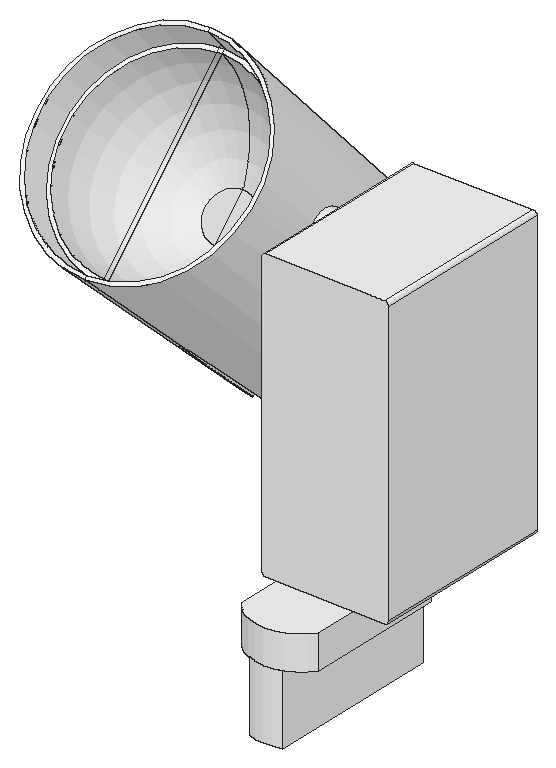
Revit family "0004934 Feilo Sylvania Lighting Fixture START TRACK SPOT S DALI 2087LM 940 WB WHT", category Lighting Fixtures, host Face, Revit 2017 (continued)
Definition of nested family "Start Track Spot Head"
  Types (96, lengths in mm): name | Wattage | built-in parameter 1150134 | Photometric Web File | Model | built-in parameter 1150105 | Lumens | built-in parameter 1150107 | built-in parameter 1150106 | HeadThickness_FEILO | HeadRibOffset_FEILO | HeadRibDepth_FEILO | HeadRibCutWidth_FEILO | HeadRibCutOffset_FEILO | HeadReflectorRadius_FEILO | HeadReflectorOffset_FEILO | HeadLEDRadius_FEILO | HeadHeight_FEILO | HeadDiffusorOffset_FEILO | HeadDiaOut_FEILO | HeadDiaIn_FEILO | HeadAxisFromTop_FEILO | Emit from Circle Diameter | built-in parameter 1150104 | Description | Apparent Load
    0004812 START TRACK SPOT S 14W 3K RA80 MB WHITE | 14 W | (empty or 0) | "0004812.ies" | "START TRACK SPOT S 14W 3K RA80 MB WHITE" | 120.32 (stored number, unit not read) | 1512 lm | 3000 (stored number, unit not read) | 1.2032 (stored number, unit not read) | 1.5 | 4.179 | 55.714 | 7.167 | 50.87 | 50.588 | 55.714 | 9.556 | 117 | 9.435 | 86 | 77.477 | 69.354 | 77.477 | 10.034 (stored number, unit not read) | "Integrated LED spotlight, Textured White - RAL9016, compact and minimalist design, ideal for retail applications, die-cast aluminium body, passive cooling heatsink. Beam angle: 36°, color temperature: 3000K , total system power: 14W, total fixture output: 1508 lm, LOR: 100%, colour rendering: Ra: 80 typical, LED Chromaticity: 3 step MacAdam ellipse, lifetime: >50000 hours at L70B50, energy class: A++, A+, A, IR/UV free light source without heat radiation, operating voltage: 220-240V / 50-60Hz, drive current: 350mA, electronic driver, non-dimmable, power factor: 0.92, electrical protection: Class II, Global Track 3 Phase adapter suitable for Global trac 3-circuit tracks, ingress protection rating: IP20, suitable for internal environment only, horizontal rotation: 355°, vertical tilt: 90°, dimensions: Ø86x140x200, weight: 0.940kg." | 14 VA
    0004811 START TRACK SPOT S 14W 3K RA80 NB WHITE | 14 W | (empty or 0) | "0004811.ies" | "START TRACK SPOT S 14W 3K RA80 NB WHITE" | 123.66 (stored number, unit not read) | 1554 lm | 3000 (stored number, unit not read) | 1.2366 (stored number, unit not read) | 1.5 | 4.179 | 55.714 | 7.167 | 50.87 | 50.588 | 55.714 | 9.556 | 117 | 9.435 | 86 | 77.477 | 69.354 | 77.477 | 10.312 (stored number, unit not read) | "Integrated LED spotlight, Textured White - RAL9016, compact and minimalist design, ideal for retail applications, die-cast aluminium body, passive cooling heatsink. Beam angle: 12°, color temperature: 3000K , total system power: 14W, total fixture output: 1551 lm, LOR: 100%, colour rendering: Ra: 80 typical, LED Chromaticity: 3 step MacAdam ellipse, lifetime: >50000 hours at L70B50, energy class: A++, A+, A, IR/UV free light source without heat radiation, operating voltage: 220-240V / 50-60Hz, drive current: 350mA, electronic driver, non-dimmable, power factor: 0.92, electrical protection: Class II, Global Track 3 Phase adapter suitable for Global trac 3-circuit tracks, ingress protection rating: IP20, suitable for internal environment only, horizontal rotation: 355°, vertical tilt: 90°, dimensions: Ø86x140x200, weight: 0.940kg." | 14 VA
  Reference planes
    plane 1 "Center (Front/Back)": y = 0
    plane 2: z = 0
    plane 3 "Center (Left/Right)": x = 0
    plane 4: x = 43
    plane 5: x = -43
    plane 6: x = -38.739
    plane 7: x = 38.739
    plane 8: z = 69.354
    plane 9: z = -47.646
    plane 10: x = -41.5
    plane 11: x = -37.239
    plane 12: z = -38.211
    plane 13: z = -35.211
    plane 14: z = 8.068
    plane 15: x = -9.556
    plane 16: x = -28.667
    plane 17: x = -19.111
    plane 18: x = -27.167
    plane 19: x = -17.611
    plane 20: x = -8.056
    plane 21: z = 13.64
    plane 22: x = -29.667
    plane 23: x = -26.167
    plane 24: x = -20.111
    plane 25: x = -16.611
    plane 26: x = -10.556
    plane 27: x = -7.056
    plane 28: x = -36.239
    plane 29: x = -40.5
    plane 30: z = 65.175
    plane 31: z = 60.997
    plane 32: z = 56.818
    plane 33: z = 18.484
    plane 34: y = -43
    plane 35: y = 43
    plane 36: y = 3.583
    plane 37: y = -3.583
    plane 38: y = -2.583
    plane 39: y = 2.583
    plane 40: y = 46
    plane 41: z = 13.5
    plane 42: z = -13.5
    plane 43: y = 39
    plane 44: x = 4.708
    plane 45: x = -2.458
    plane 46: x = -1.458
    plane 47: x = 1.458
  Forms (mm)
    Extrusion 1, solid
      sketch origin (4.2, 0, 0) x (1, 0, 0) y (0, 1, 0)
        loop
          line (-1219.2, 1219.2) -> (-1219.2, -1219.2) -> (1219.2, -1219.2) -> (1219.2, 1219.2) -> (-1219.2, 1219.2)
      from 0 to -68.017
    Revolve 2, solid, material <- "Material_1_FEILO", detail levels medium+fine
      sketch origin (0, 0, 0) x (1, 0, 0) y (0, 0, 1)
        loop
          line (-43, -47.646) -> (-41.5, -47.646) -> (-40.5, -35.211) -> (-38.739, -35.211)
          arc (-38.739, -35.211) -> (-30.16, -9.517) -> (-9.556, 8.068) r 50.588
          line (-9.556, 8.068) -> (0, 8.068) -> (0, 13.64) -> (-16.611, 13.64) -> (-17.611, 60.997) -> (-19.111, 60.997) -> (-20.111, 13.64) -> (-36.239, 13.64) -> (-37.239, 69.354) -> (-38.739, 69.354) -> (-43, -47.646)
        axis (0, 69.354) -> (0, -47.646)
      angle from 360 to 0
    Extrusion 3, void
      sketch origin (0, 0, 0) x (0, 1, 0) y (0, 0, 1)
        loop
          line (-3.583, 69.354) -> (-2.583, 18.484) -> (1.932, 18.484) -> (2.932, 69.354) -> (-3.583, 69.354)
      from 43 to -43
    Revolve 4, solid, material <- "Material_2_FEILO", detail levels medium+fine
      sketch origin (0, 0, 0) x (1, 0, 0) y (0, 0, 1)
        loop
          line (-41.5, -38.211) -> (0, -38.211) -> (0, -35.211) -> (-41.5, -35.211) -> (-41.5, -38.211)
        axis (0, -35.211) -> (0, -38.211)
      angle from 360 to 0
    Revolve 5, solid, material <- "Material_1_FEILO"
      sketch origin (0, 0, 0) x (0, 1, 0) y (0, 0, 1)
        loop
          line (46, 0) -> (39, 0) -> (39, -13.5) -> (46, -13.5) -> (46, 0)
        axis (39, 0) -> (46, 0)
      angle from 360 to 0
    Revolve 6, solid, material <- "Material_1_FEILO", detail levels medium+fine
      sketch origin (0, 0, 0) x (1, 0, 0) y (0, 0, 1)
        loop
          line (-29.667, 13.64) -> (-26.167, 13.64) -> (-27.167, 65.175) -> (-28.667, 65.175) -> (-29.667, 13.64)
        loop
          line (-10.556, 13.64) -> (-7.056, 13.64) -> (-7.833, 56.818) -> (-9.778, 56.818) -> (-10.556, 13.64)
        axis (0, 65.175) -> (0, 13.64)
      angle from 360 to 0
    Extrusion 7, void
      sketch origin (0, 0, 0) x (1, 0, 0) y (0, 0, 1)
        loop
          line (4.708, 69.354) -> (-2.458, 69.354) -> (-1.458, 13.64) -> (1.458, 13.64) -> (4.708, 69.354)
      from -43 to 43
    Revolve 8, solid, material <- "Material_1_FEILO", detail levels coarse
      sketch origin (0, 0, 0) x (1, 0, 0) y (0, 0, 1)
        loop
          line (0, 69.354) -> (-38.739, 69.354) -> (-43, -47.646) -> (-41.5, -47.646) -> (-40.731, -38.211) -> (0, -38.211) -> (0, 69.354)
        axis (0, 69.354) -> (0, -47.646)
      angle from 360 to 0
  Cuts and joins
    Extrusion 3 cuts Revolve 2
    Extrusion 7 cuts Revolve 6
  Dimensions and locks
    equal spacing: plane 7, plane 3 "Center (Left/Right)", plane 6
    equal spacing: plane 4, plane 3 "Center (Left/Right)", plane 5
    "HeadDiaOut_FEILO": plane 4 to plane 5
    "HeadDiaIn_FEILO": plane 7 to plane 6
    "HeadHeight_FEILO": plane 8 to plane 9
    "HeadThickness_FEILO": plane 10 to plane 5
    "HeadThickness_FEILO": plane 11 to plane 6
    "HeadDiffusorOffset_FEILO": plane 12 to plane 9
    "HeadDiffusorThickness_FEILO": plane 13 to plane 12
    "HeadReflectorOffset_FEILO": plane 14 to plane 9
    "HeadLEDRadius_FEILO": plane 3 "Center (Left/Right)" to plane 15
    "HeadLEDRadius_FEILO": plane 15 to plane 17
    "HeadLEDRadius_FEILO": plane 17 to plane 16
    "HeadThickness_FEILO": plane 18 to plane 16
    "HeadThickness_FEILO": plane 19 to plane 17
    "HeadThickness_FEILO": plane 20 to plane 15
    "HeadRibDepth_FEILO": plane 8 to plane 21
    "HeadDraft_FEILO": plane 16 to plane 22
    "HeadDraft_FEILO": plane 23 to plane 18
    "HeadDraft_FEILO": plane 17 to plane 24
    "HeadDraft_FEILO": plane 25 to plane 19
    "HeadDraft_FEILO": plane 15 to plane 26
    "HeadDraft_FEILO": plane 27 to plane 20
    "HeadDraft_FEILO": plane 29 to plane 10
    "HeadDraft_FEILO": plane 28 to plane 11
    "HeadRibOffset_FEILO": plane 8 to plane 30
    "HeadRibOffset_FEILO": plane 30 to plane 31
    "HeadRibOffset_FEILO": plane 31 to plane 32
    "HeadAxisFromTop_FEILO": plane 8 to plane 2
    "HeadRibCutOffset_FEILO": plane 8 to plane 33
    equal spacing: plane 34, plane 1 "Center (Front/Back)", plane 35
    "HeadDiaOut_FEILO": plane 34 to plane 35
    equal spacing: plane 38, plane 1 "Center (Front/Back)", plane 39
    equal spacing: plane 37, plane 1 "Center (Front/Back)", plane 36
    "HeadRibCutWidth_FEILO": plane 37 to plane 36
    "HeadDraft_FEILO": plane 37 to plane 38
    locked: plane 35 to plane 40 at 3
    equal spacing: plane 41, plane 2, plane 42
    locked: plane 42 to plane 41 at 27
    locked: plane 43 to plane 35 at 4
    equal spacing: plane 45, imposter light, plane 44
    "HeadDraft_FEILO": plane 46 to plane 45
    "HeadRibCutWidth_FEILO": plane 44 to plane 45
    equal spacing: plane 47, plane 3 "Center (Left/Right)", plane 46
    "HeadReflectorRadius_FEILO": radius of Revolve 2 sketch curve
    aligned and locked: plane 2 to Extrusion 1
    aligned and locked: level to Extrusion 1
    aligned and locked: Revolve 2 sketch curve to plane 3 "Center (Left/Right)"  (x2)
    aligned and locked: plane 9 to Revolve 2 sketch curve  (x2)
    aligned and locked: plane 5 to Revolve 2 sketch curve
    aligned and locked: plane 10 to Revolve 2 sketch curve
    aligned and locked: plane 14 to Revolve 2 sketch curve
    aligned and locked: plane 8 to Revolve 2 sketch curve
    aligned and locked: Revolve 2 sketch curve to plane 13
    aligned and locked: plane 12 to Revolve 4 sketch curve
    aligned and locked: plane 3 "Center (Left/Right)" to Revolve 4 sketch curve
    aligned and locked: Revolve 4 sketch curve to plane 10
    aligned and locked: Revolve 4 sketch curve to plane 3 "Center (Left/Right)"
    aligned and locked: plane 12 to imposter light
    aligned and locked: imposter light to plane 1 "Center (Front/Back)"
    aligned and locked: Revolve 5 sketch curve to plane 2
    aligned and locked: plane 43 to Revolve 5 sketch curve
    aligned and locked: plane 42 to Revolve 5 sketch curve
    aligned and locked: Revolve 6 sketch curve to plane 3 "Center (Left/Right)"
    aligned and locked: plane 22 to Revolve 6 sketch curve
    aligned and locked: plane 30 to Revolve 6 sketch curve
    aligned and locked: plane 23 to Revolve 6 sketch curve
    aligned and locked: Revolve 6 sketch curve to plane 21  (x2)
    aligned and locked: plane 21 to Revolve 6 sketch curve
    aligned and locked: plane 17 to Revolve 2 sketch curve
    aligned and locked: plane 19 to Revolve 2 sketch curve
    aligned and locked: plane 31 to Revolve 2 sketch curve
    aligned and locked: plane 21 to Revolve 2 sketch curve
    aligned and locked: Extrusion 3 to plane 8
    aligned and locked: plane 33 to Extrusion 3
    aligned and locked: plane 8 to Extrusion 3 sketch curve
    aligned and locked: Extrusion 3 sketch curve to plane 33
    aligned and locked: Extrusion 3 to plane 5
    aligned and locked: plane 4 to Extrusion 3
    aligned and locked: plane 32 to Revolve 6 sketch curve
    aligned and locked: plane 44 to Extrusion 7 sketch curve
    aligned and locked: Extrusion 7 sketch curve to plane 8
    aligned and locked: plane 46 to Extrusion 7 sketch curve
    aligned and locked: plane 21 to Extrusion 7 sketch curve
    aligned and locked: plane 34 to Extrusion 7
    aligned and locked: Extrusion 7 to plane 35
    aligned and locked: Revolve 4 sketch curve to plane 13
    aligned and locked: Revolve 5 sketch curve to plane 40
    aligned and locked: Revolve 8 sketch curve to plane 3 "Center (Left/Right)"
    aligned and locked: Revolve 8 sketch curve to cut or joined group of Revolve 2, Extrusion 3  (x3)
    aligned and locked: plane 5 to Revolve 8 sketch curve
    aligned and locked: plane 3 "Center (Left/Right)" to Revolve 8 sketch curve
    aligned and locked: plane 12 to Revolve 8 sketch curve
  Automatic sketch dimensions
    Extrusion 1 sketch curve to Extrusion 1 sketch curve = 2438.4 mm  (x2)
    Extrusion 3 sketch curve to plane 37 = 0 mm
    Extrusion 3 sketch curve to plane 38 = 0 mm
    plane 39 to Extrusion 3 sketch curve = 0.651 mm
    Extrusion 3 sketch curve to plane 39 = 0.349 mm
    Revolve 6 sketch curve to plane 16 = 0 mm
    Revolve 6 sketch curve to plane 18 = 0 mm
    Revolve 6 sketch curve to plane 26 = 0 mm
    Revolve 6 sketch curve to plane 27 = 0 mm
    Revolve 6 sketch curve to plane 15 = 0.222 mm
    plane 9 to Revolve 6 sketch curve = 559.103 mm
    Revolve 6 sketch curve to plane 8 = 2535.555 mm
    plane 20 to Revolve 6 sketch curve = 0.222 mm
    Revolve 2 sketch curve to plane 29 = 0 mm
    Revolve 2 sketch curve to plane 6 = 0 mm  (x2)
    Revolve 2 sketch curve to plane 11 = 0 mm
    Revolve 2 sketch curve to plane 21 = 0 mm
    Revolve 2 sketch curve to plane 28 = 0 mm
    Revolve 2 sketch curve to plane 24 = 0 mm
    Revolve 2 sketch curve to plane 25 = 0 mm
    Revolve 2 sketch curve to plane 15 = 0 mm
    Revolve 2 sketch curve to Revolve 2 sketch curve = 557.155 mm
    Revolve 2 sketch curve to plane 8 = 2535.558 mm
    Extrusion 7 sketch curve to plane 45 = 0 mm
    Extrusion 7 sketch curve to plane 47 = 0 mm
    plane 9 to Revolve 4 sketch curve = 559.103 mm
    Revolve 4 sketch curve to plane 8 = 2535.555 mm
    Revolve 5 sketch curve to level = 0 mm
    plane 34 to Revolve 5 sketch curve = 1968.092 mm
    Revolve 5 sketch curve to plane 40 = 1405.763 mm
    Revolve 8 sketch curve to plane 6 = 0 mm
    Revolve 8 sketch curve to plane 29 = 0.231 mm
    plane 9 to Revolve 8 sketch curve = 559.103 mm
    Revolve 8 sketch curve to Revolve 8 sketch curve = 2535.555 mm
Definition of nested family "Start Track Spot Box"
  Parameters (values of type "Type Large White")
    URL = "http://www.feilosylvania.com"
    Type Image = (empty or 0)
    Type Comments = "n/a"
    Small_FEILO = no
    Material_3_FEILO = none
    Model = ""
    Manufacturer = "Feilo Sylvania"
    Keynote = ""
    Material_2_FEILO = none
    Description = ""
    Default Elevation = 1219.2 mm
    Cost = 0
    Material_1_FEILO = none
    BoxWidth_FEILO = 49 mm
    BoxStartAngle_FEILO [instance] = 0.00°
    BoxRadius_FEILO = 1.5 mm
    BoxHeight_FEILO = if(Small_FEILO, 112 mm, 136 mm)  # 136 mm
    BoxEndAngle_FEILO [instance] = BoxStartAngle_FEILO - 180.00°  # -180.00°
    BoxDepth_FEILO = if(Small_FEILO, 71.5 mm, 79 mm)  # 79 mm
    BoxAxisVerticalOffset_FEILO = 16 mm
    BoxAxisOffset_FEILO = BoxHeight_FEILO / 6.8  # 20 mm
    Assembly Code = ""
    Material_4_FEILO = none
  Types (4, lengths in mm): name | Small_FEILO | BoxHeight_FEILO | BoxDepth_FEILO | BoxAxisOffset_FEILO
    Type Large White | no | 136 | 79 | 20
    Type Small White | yes | 112 | 71.5 | 16.471
    Type Small Black | yes | 112 | 71.5 | 16.471
    Type Large Black | no | 136 | 79 | 20
  Reference planes
    plane 1 "Center (Front/Back)": y = 0
    plane 2: z = 0
    plane 3 "Center (Left/Right)": x = 0
    plane 4: x = 24.5
    plane 5: x = -24.5
    plane 6: y = 68
    plane 7: y = -68
    plane 8: z = 39.5
    plane 9: z = -39.5
    plane 10: y = -48
    plane 11: x = 30.5
    plane 12: x = 8.5
    plane 13: x = 21.5
    plane 14: y = 70
    plane 15: y = 72
    plane 16: x = 19.5
  Forms (mm)
    Extrusion 1, solid
      sketch origin (4.2, 0, 0) x (1, 0, 0) y (0, 1, 0)
        loop
          line (-1219.2, 1219.2) -> (-1219.2, -1219.2) -> (1219.2, -1219.2) -> (1219.2, 1219.2) -> (-1219.2, 1219.2)
      from 0 to -68.017
    Extrusion 2, solid, material <- "Material_1_FEILO"
      sketch origin (0, 0, 0) x (1, 0, 0) y (0, 1, 0)
        loop
          arc (-23, 68) -> (-24.061, 67.561) -> (-24.5, 66.5) r 1.5
          line (-24.5, 66.5) -> (-24.5, -66.5)
          arc (-24.5, -66.5) -> (-24.061, -67.561) -> (-23, -68) r 1.5
          line (-23, -68) -> (23, -68)
          arc (23, -68) -> (24.061, -67.561) -> (24.5, -66.5) r 1.5
          line (24.5, -66.5) -> (24.5, 66.5)
          arc (24.5, 66.5) -> (24.061, 67.561) -> (23, 68) r 1.5
          line (23, 68) -> (-23, 68)
      from -39.5 to 39.5
    Revolve 3, solid, not visible
      sketch origin (0, 0, 0) x (1, 0, 0) y (0, 1, 0)
        loop
          line (30.5, -48) -> (24.5, -48) -> (24.5, -68) -> (30.5, -68) -> (30.5, -48)
        axis (30.5, -48) -> (24.5, -48)
      angle from 0 <- "BoxStartAngle_FEILO" to -180 <- "BoxEndAngle_FEILO"
    Revolve 4, solid, material <- "Material_2_FEILO"
      sketch origin (0, 0, 0) x (1, 0, 0) y (0, 1, 0)
        loop
          line (8.5, 68) -> (19.5, 68) -> (19.5, 70) -> (21.5, 70) -> (21.5, 72) -> (8.5, 72) -> (8.5, 68)
        axis (8.5, 72) -> (8.5, 68)
      angle from 360 to 0
  Dimensions and locks
    equal spacing: plane 5, plane 3 "Center (Left/Right)", plane 4
    "BoxWidth_FEILO": plane 5 to plane 4
    equal spacing: plane 7, plane 1 "Center (Front/Back)", plane 6
    "BoxHeight_FEILO": plane 7 to plane 6
    equal spacing: plane 8, plane 2, plane 9
    "BoxDepth_FEILO": plane 8 to plane 9
    "BoxAxisOffset_FEILO": plane 7 to plane 10
    locked: plane 4 to plane 11 at 6
    "BoxAxisVerticalOffset_FEILO": plane 12 to plane 4
    locked: plane 12 to plane 13 at 13
    plane 6 to plane 14 to plane 15 = 2 mm locked, 2 mm locked
    locked: plane 12 to plane 16 at 11
    "BoxRadius_FEILO": radius of Extrusion 2 sketch curve  (x4)
    aligned and locked: plane 2 to Extrusion 1
    aligned and locked: level to Extrusion 1
    aligned and locked: plane 6 to Extrusion 2 sketch curve
    aligned and locked: plane 5 to Extrusion 2 sketch curve
    aligned and locked: Extrusion 2 sketch curve to plane 7
    aligned and locked: Extrusion 2 sketch curve to plane 4
    aligned and locked: Extrusion 2 to plane 8
    aligned and locked: plane 9 to Extrusion 2
    aligned and locked: Revolve 3 sketch curve to plane 10  (x2)
    aligned and locked: plane 11 to Revolve 3 sketch curve
    aligned and locked: Revolve 3 sketch curve to plane 4
    aligned and locked: plane 7 to Revolve 3 sketch curve
    aligned and locked: Revolve 4 sketch curve to plane 12
    aligned and locked: plane 6 to Revolve 4 sketch curve
    aligned and locked: plane 12 to Revolve 4 sketch curve
    aligned and locked: plane 15 to Revolve 4 sketch curve
    aligned and locked: Revolve 4 sketch curve to plane 13
    aligned and locked: Revolve 4 sketch curve to plane 14
    aligned and locked: Revolve 4 sketch curve to plane 16
    aligned and locked: Revolve 4 sketch curve to plane 6
  Automatic sketch dimensions
    Extrusion 1 sketch curve to Extrusion 1 sketch curve = 2438.4 mm  (x2)
    Revolve 3 sketch curve to plane 5 = 1499.5 mm
    plane 11 to Revolve 3 sketch curve = 1493.5 mm
    plane 15 to Revolve 4 sketch curve = 0 mm
    plane 7 to Revolve 4 sketch curve = 1456 mm
    Revolve 4 sketch curve to plane 15 = 1452 mm
